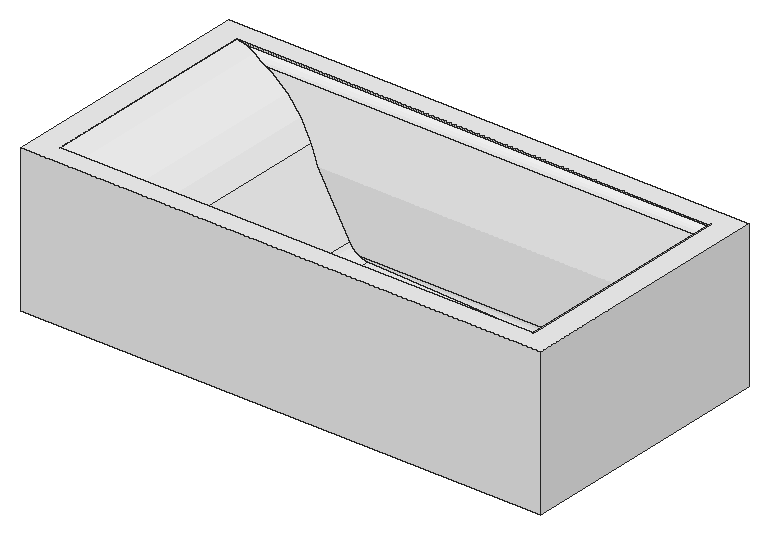
Revit family
Parameters
  폭 [instance] = 800 mm
  Manufacturer = "바체"
  Model = "BT-32"
  높이 [instance] = 450 mm
  길이 [instance] = 1600 mm
  bath material = A-욕조
  Assembly Code = ""
Reference planes
  plane 1 "중심(앞/뒤)": y = 0
  plane 2: z = 0
  plane 3 "중심(왼쪽/오른쪽)": x = 0
  plane 4: x = -800
  plane 5: x = 800
  plane 6: y = 375
  plane 7: y = -425
Forms (mm)
  Extrusion 1, solid, material "A-욕조" <- "bath material"
    sketch origin (1411.064, -815.915, 0) x (1, 0, 0) y (0, 1, 0)
      loop
        line (-2211.064, 1190.915) -> (-2211.064, 390.915) -> (-611.064, 390.915) -> (-611.064, 1190.915) -> (-2211.064, 1190.915)
      loop
        line (-2138.143, 1131.915) -> (-2138.143, 449.915) -> (-680.83, 449.915) -> (-680.83, 1131.915) -> (-2138.143, 1131.915)
    from 0 to 450
  Extrusion 2, solid, material "A-욕조"
    sketch origin (-800, 0, 0) x (0, 1, 0) y (0, 0, 1)
      loop
        arc (317.783, 444.648) -> (303.184, 435.178) -> (293.611, 420.647) r 42.458
        arc (293.611, 420.647) -> (241.926, 237.248) -> (229.229, 47.128) r 917.702
        arc (229.229, 47.128) -> (217.13, 16.544) -> (186.812, 3.796) r 42.426
        line (186.812, 3.796) -> (-236.812, 3.796)
        arc (-236.812, 3.796) -> (-267.13, 16.544) -> (-279.229, 47.128) r 42.426
        arc (-279.229, 47.128) -> (-291.926, 237.248) -> (-343.611, 420.647) r 917.702
        arc (-343.611, 420.647) -> (-353.184, 435.178) -> (-367.783, 444.648) r 42.458
        line (-367.783, 444.648) -> (-367.783, 0) -> (317.783, 0) -> (317.783, 444.648)
    from 72.921 to 1530.234
  Extrusion 3, solid, material "A-욕조"
    sketch origin (0, 0, 25) x (1, 0, 0) y (0, 0, 1)
      loop
        line (-727.079, 425) -> (-727.079, -25) -> (730.234, -25) -> (730.234, 425)
        arc (730.234, 425) -> (718.859, 413.867) -> (713.573, 398.854) r 35.091
        arc (713.573, 398.854) -> (681.386, 204.9) -> (628.228, 15.616) r 1799.077
        arc (628.228, 15.616) -> (597.11, -3.69) -> (560.987, -9.702) r 94.405
        line (560.987, -9.702) -> (-254.522, 15)
        arc (-254.522, 15) -> (-288.18, 24.564) -> (-313.238, 48.986) r 71.317
        arc (-313.238, 48.986) -> (-380.354, 155.071) -> (-450.348, 259.281) r 4588.424
        arc (-450.348, 259.281) -> (-570.789, 372.073) -> (-727.079, 425) r 390.203
    from -317.783 to 366
Lines and regions (mm)
  model lines, style "입면5"
    curve 1: line (-509.513, -301.98, 0) -> (-586.128, -322.422, 0)
    curve 2: line (-586.128, 272.421, 0) -> (-509.513, 251.98, 0)
    curve 3: line (-298.743, 193.626, 0) -> (565.555, 191.356, 0)
    curve 4: line (565.555, -241.357, 0) -> (-298.743, -243.626, 0)
    curve 5: line (720.205, -331.307, 0) -> (670.977, -324.323, 0)
    curve 6: line (670.951, -324.334, 0) -> (720.205, -331.307, 0)
    curve 7: line (618.889, -262.657, 0) -> (565.555, -241.357, 0)
    curve 8: line (542.131, -62.894, 0) -> (565.555, -54.779, 0)
    curve 9: line (565.555, -54.779, 0) -> (575.582, -42.816, 0)
    curve 10: line (565.558, 4.777, 0) -> (542.105, 12.889, 0)
    curve 11: line (575.58, -7.182, 0) -> (580.027, -25, 0)
    curve 12: line (565.558, 4.777, 0) -> (575.58, -7.182, 0)
    curve 13: line (542.105, 12.889, 0) -> (503.931, -24.985, 0)
    curve 14: line (565.555, 191.356, 0) -> (618.889, 212.656, 0)
    curve 15: line (618.889, 212.656, 0) -> (618.889, -24.402, 0)
    curve 16: line (503.931, -25.093, 0) -> (542.131, -62.894, 0)
    curve 17: line (618.889, -25.599, 0) -> (618.889, -262.657, 0)
    curve 18: line (575.582, -42.816, 0) -> (580.027, -25, 0)
    curve 19: line (670.951, -324.303, 0) -> (619.69, -263.911, 0)
    curve 20: line (670.977, 274.323, 0) -> (720.205, 281.307, 0)
    curve 21: line (619.69, 213.91, 0) -> (670.951, 274.303, 0)
    curve 22: line (-460.032, -273.258, 0) -> (-460.348, -25, 0)
    curve 23: line (-298.743, -243.626, 0) -> (-298.948, -243.626, 0)
    curve 24: line (-122.99, -89.985, 0) -> (-109.986, -102.988, 0)
    curve 25: line (-109.991, -76.982, 0) -> (-122.99, -89.985, 0)
    curve 26: line (-39.987, -102.986, 0) -> (-26.988, -89.983, 0)
    curve 27: line (-52.99, -89.986, 0) -> (-39.987, -102.986, 0)
    curve 28: line (-26.988, -89.983, 0) -> (-39.99, -76.983, 0)
    curve 29: line (-39.99, -76.983, 0) -> (-52.99, -89.986, 0)
    curve 30: line (-109.986, -102.988, 0) -> (-96.987, -89.985, 0)
    curve 31: line (-96.987, -89.985, 0) -> (-109.991, -76.982, 0)
    curve 32: line (-298.948, 193.626, 0) -> (-298.743, 193.626, 0)
    curve 33: line (-298.743, -25, 0) -> (-298.743, 193.626, 0)
    curve 34: line (-179.988, -37.985, 0) -> (-166.981, -24.992, 0)
    curve 35: line (-166.981, -24.992, 0) -> (-179.988, -11.984, 0)
    curve 36: line (-192.997, -24.992, 0) -> (-179.988, -37.985, 0)
    curve 37: line (-179.988, -11.984, 0) -> (-192.997, -24.992, 0)
    curve 38: line (-122.996, -24.992, 0) -> (-109.989, -37.985, 0)
    curve 39: line (-109.989, -11.984, 0) -> (-122.996, -24.992, 0)
    curve 40: line (-52.997, -24.991, 0) -> (-39.989, -37.985, 0)
    curve 41: line (-39.989, -37.985, 0) -> (-26.981, -24.993, 0)
    curve 42: line (-39.989, -11.984, 0) -> (-52.997, -24.991, 0)
    curve 43: line (-26.981, -24.993, 0) -> (-39.989, -11.984, 0)
    curve 44: line (-96.981, -24.993, 0) -> (-109.989, -11.984, 0)
    curve 45: line (-109.989, -37.985, 0) -> (-96.981, -24.993, 0)
    curve 46: line (-298.743, -243.626, 0) -> (-298.743, -25, 0)
    curve 47: line (-298.948, -243.626, 0) -> (-460.032, -273.258, 0)
    curve 48: line (-460.032, -273.258, 0) -> (-509.513, -301.98, 0)
    curve 49: line (30.013, -192.986, 0) -> (43.012, -179.984, 0)
    curve 50: line (17.01, -179.985, 0) -> (30.013, -192.986, 0)
    curve 51: line (87.008, -179.982, 0) -> (100.01, -192.985, 0)
    curve 52: line (157.011, -179.984, 0) -> (170.011, -192.984, 0)
    curve 53: line (170.063, -192.984, 0) -> (183.012, -179.985, 0)
    curve 54: line (100.01, -192.985, 0) -> (113.013, -179.985, 0)
    curve 55: line (43.013, -134.986, 0) -> (30.01, -121.983, 0)
    curve 56: line (30.01, -121.983, 0) -> (17.01, -134.985, 0)
    curve 57: line (30.012, -147.986, 0) -> (43.013, -134.986, 0)
    curve 58: line (17.01, -134.985, 0) -> (30.012, -147.986, 0)
    curve 59: line (100.011, -121.984, 0) -> (87.009, -134.982, 0)
    curve 60: line (87.009, -134.982, 0) -> (100.01, -147.985, 0)
    curve 61: line (30.012, -102.985, 0) -> (43.011, -89.984, 0)
    curve 62: line (43.011, -89.984, 0) -> (30.01, -76.984, 0)
    curve 63: line (17.01, -89.985, 0) -> (30.012, -102.985, 0)
    curve 64: line (30.01, -76.984, 0) -> (17.01, -89.985, 0)
    curve 65: line (87.009, -89.982, 0) -> (100.01, -102.985, 0)
    curve 66: line (100.011, -76.984, 0) -> (87.009, -89.982, 0)
    curve 67: line (183.012, -134.986, 0) -> (170.011, -121.984, 0)
    curve 68: line (170.049, -147.984, 0) -> (183.012, -134.986, 0)
    curve 69: line (157.011, -134.985, 0) -> (170.011, -147.984, 0)
    curve 70: line (169.981, -121.984, 0) -> (157.011, -134.985, 0)
    curve 71: line (170.023, -102.996, 0) -> (183.012, -89.983, 0)
    curve 72: line (170.003, -76.977, 0) -> (157.01, -89.985, 0)
    curve 73: line (157.01, -89.985, 0) -> (170.023, -102.996, 0)
    curve 74: line (183.012, -89.983, 0) -> (170.003, -76.977, 0)
    curve 75: line (113.012, -89.985, 0) -> (100.011, -76.984, 0)
    curve 76: line (100.01, -147.985, 0) -> (113.012, -134.986, 0)
    curve 77: line (100.01, -102.985, 0) -> (113.012, -89.985, 0)
    curve 78: line (113.012, -134.986, 0) -> (100.011, -121.984, 0)
    curve 79: line (30.009, -166.983, 0) -> (17.01, -179.985, 0)
    curve 80: line (100.011, -166.984, 0) -> (87.008, -179.982, 0)
    curve 81: line (183.012, -179.985, 0) -> (170.011, -166.984, 0)
    curve 82: line (169.967, -166.985, 0) -> (157.011, -179.984, 0)
    curve 83: line (113.013, -179.985, 0) -> (100.011, -166.984, 0)
    curve 84: line (43.012, -179.984, 0) -> (30.009, -166.983, 0)
    curve 85: line (240.021, -102.995, 0) -> (253.012, -89.984, 0)
    curve 86: line (227.009, -89.983, 0) -> (240.021, -102.995, 0)
    curve 87: line (253.012, -89.984, 0) -> (240.004, -76.978, 0)
    curve 88: line (240.004, -76.978, 0) -> (227.009, -89.983, 0)
    curve 89: line (323.019, -89.983, 0) -> (310.004, -76.978, 0)
    curve 90: line (310.021, -102.994, 0) -> (323.019, -89.983, 0)
    curve 91: line (297.009, -89.983, 0) -> (310.021, -102.994, 0)
    curve 92: line (310.004, -76.978, 0) -> (297.009, -89.983, 0)
    curve 93: line (17.003, -24.992, 0) -> (30.011, -37.984, 0)
    curve 94: line (30.011, -11.984, 0) -> (17.003, -24.992, 0)
    curve 95: line (30.011, -37.984, 0) -> (43.019, -24.993, 0)
    curve 96: line (43.019, -24.993, 0) -> (30.011, -11.984, 0)
    curve 97: line (87.003, -24.992, 0) -> (100.011, -37.985, 0)
    curve 98: line (100.011, -11.984, 0) -> (87.003, -24.992, 0)
    curve 99: line (170.013, -11.982, 0) -> (157.003, -24.992, 0)
    curve 100: line (170.012, -37.986, 0) -> (183.019, -24.993, 0)
    curve 101: line (183.019, -24.993, 0) -> (170.013, -11.982, 0)
    curve 102: line (157.003, -24.992, 0) -> (170.012, -37.986, 0)
    curve 103: line (113.021, -24.991, 0) -> (100.011, -11.984, 0)
    curve 104: line (100.011, -37.985, 0) -> (113.021, -24.991, 0)
    curve 105: line (240.012, -37.986, 0) -> (253.019, -24.992, 0)
    curve 106: line (227.003, -24.992, 0) -> (240.012, -37.986, 0)
    curve 107: line (240.013, -11.982, 0) -> (227.003, -24.992, 0)
    curve 108: line (253.019, -24.992, 0) -> (240.013, -11.982, 0)
    curve 109: line (323.021, -24.99, 0) -> (310.012, -11.983, 0)
    curve 110: line (310.012, -37.986, 0) -> (323.021, -24.99, 0)
    curve 111: line (393.011, -24.984, 0) -> (380.012, -11.983, 0)
    curve 112: line (367.003, -24.992, 0) -> (380.012, -37.986, 0)
    curve 113: line (380.012, -11.983, 0) -> (367.003, -24.992, 0)
    curve 114: line (380.012, -37.986, 0) -> (393.011, -25.016, 0)
    curve 115: line (310.012, -11.983, 0) -> (297.003, -24.992, 0)
    curve 116: line (297.003, -24.992, 0) -> (310.012, -37.986, 0)
    curve 117: line (-509.513, 251.98, 0) -> (-460.032, 223.258, 0)
    curve 118: line (-460.348, -25, 0) -> (-460.032, 223.258, 0)
    curve 119: line (-460.032, 223.258, 0) -> (-298.948, 193.626, 0)
    curve 120: line (-665.511, -330.013, 0) -> (-737.079, -331.307, 0)
    curve 121: line (-586.128, -322.422, 0) -> (-609.665, -325.758, 0)
    curve 122: line (-609.665, -325.758, 0) -> (-665.511, -330.013, 0)
    curve 123: line (-737.079, 281.307, 0) -> (-665.511, 280.013, 0)
    curve 124: line (-609.665, 275.757, 0) -> (-586.128, 272.421, 0)
    curve 125: line (-665.511, 280.013, 0) -> (-609.665, 275.757, 0)
    curve 126: line (-122.99, 39.953, 0) -> (-109.986, 52.955, 0)
    curve 127: line (-109.991, 26.95, 0) -> (-122.99, 39.953, 0)
    curve 128: line (-39.987, 52.954, 0) -> (-26.988, 39.951, 0)
    curve 129: line (-52.99, 39.953, 0) -> (-39.987, 52.954, 0)
    curve 130: line (-26.988, 39.951, 0) -> (-39.99, 26.951, 0)
    curve 131: line (-39.99, 26.951, 0) -> (-52.99, 39.953, 0)
    curve 132: line (-109.986, 52.955, 0) -> (-96.987, 39.953, 0)
    curve 133: line (-96.987, 39.953, 0) -> (-109.991, 26.95, 0)
    curve 134: line (30.013, 142.954, 0) -> (43.012, 129.951, 0)
    curve 135: line (17.01, 129.953, 0) -> (30.013, 142.954, 0)
    curve 136: line (87.008, 129.95, 0) -> (100.01, 142.953, 0)
    curve 137: line (157.011, 129.952, 0) -> (170.011, 142.952, 0)
    curve 138: line (170.063, 142.952, 0) -> (183.012, 129.952, 0)
    curve 139: line (100.01, 142.953, 0) -> (113.013, 129.953, 0)
    curve 140: line (43.013, 84.953, 0) -> (30.01, 71.951, 0)
    curve 141: line (30.01, 71.951, 0) -> (17.01, 84.953, 0)
    curve 142: line (30.012, 97.953, 0) -> (43.013, 84.953, 0)
    curve 143: line (17.01, 84.953, 0) -> (30.012, 97.953, 0)
    curve 144: line (100.011, 71.952, 0) -> (87.009, 84.95, 0)
    curve 145: line (87.009, 84.95, 0) -> (100.01, 97.953, 0)
    curve 146: line (30.012, 52.953, 0) -> (43.011, 39.952, 0)
    curve 147: line (43.011, 39.952, 0) -> (30.01, 26.952, 0)
    curve 148: line (17.01, 39.953, 0) -> (30.012, 52.953, 0)
    curve 149: line (30.01, 26.952, 0) -> (17.01, 39.953, 0)
    curve 150: line (87.009, 39.95, 0) -> (100.01, 52.953, 0)
    curve 151: line (100.011, 26.952, 0) -> (87.009, 39.95, 0)
    curve 152: line (183.012, 84.954, 0) -> (170.011, 71.952, 0)
    curve 153: line (170.049, 97.952, 0) -> (183.012, 84.954, 0)
    curve 154: line (157.011, 84.952, 0) -> (170.011, 97.952, 0)
    curve 155: line (169.981, 71.952, 0) -> (157.011, 84.952, 0)
    curve 156: line (170.023, 52.964, 0) -> (183.012, 39.951, 0)
    curve 157: line (170.003, 26.944, 0) -> (157.01, 39.953, 0)
    curve 158: line (157.01, 39.953, 0) -> (170.023, 52.964, 0)
    curve 159: line (183.012, 39.951, 0) -> (170.003, 26.944, 0)
    curve 160: line (113.012, 39.953, 0) -> (100.011, 26.952, 0)
    curve 161: line (100.01, 97.953, 0) -> (113.012, 84.954, 0)
    curve 162: line (100.01, 52.953, 0) -> (113.012, 39.953, 0)
    curve 163: line (113.012, 84.954, 0) -> (100.011, 71.952, 0)
    curve 164: line (30.009, 116.951, 0) -> (17.01, 129.953, 0)
    curve 165: line (100.011, 116.952, 0) -> (87.008, 129.95, 0)
    curve 166: line (183.012, 129.952, 0) -> (170.011, 116.952, 0)
    curve 167: line (169.967, 116.952, 0) -> (157.011, 129.952, 0)
    curve 168: line (113.013, 129.953, 0) -> (100.011, 116.952, 0)
    curve 169: line (43.012, 129.951, 0) -> (30.009, 116.951, 0)
    curve 170: line (240.021, 52.963, 0) -> (253.012, 39.951, 0)
    curve 171: line (227.009, 39.95, 0) -> (240.021, 52.963, 0)
    curve 172: line (253.012, 39.951, 0) -> (240.004, 26.945, 0)
    curve 173: line (240.004, 26.945, 0) -> (227.009, 39.95, 0)
    curve 174: line (323.019, 39.95, 0) -> (310.004, 26.946, 0)
    curve 175: line (310.021, 52.962, 0) -> (323.019, 39.95, 0)
    curve 176: line (297.009, 39.95, 0) -> (310.021, 52.962, 0)
    curve 177: line (310.004, 26.946, 0) -> (297.009, 39.95, 0)
    curve 178: line (542.131, 23.233, 0) -> (542.131, -72.892, 0)
    curve 179: line (589.414, -24.829, 0) -> (494.848, -24.829, 0)
    curve 180: line (720.234, -366, 0) -> (-737.079, -366, 0)
    curve 181: line (-737.079, -366, 0) -> (-737.079, 316, 0)
    curve 182: line (-737.079, 316, 0) -> (720.234, 316, 0)
    curve 183: line (720.234, 316, 0) -> (720.234, -366, 0)
    curve 184: line (-800, 375, 0) -> (-800, -425, 0)
    curve 185: line (-800, -425, 0) -> (800, -425, 0)
    curve 186: line (800, -425, 0) -> (800, 375, 0)
    curve 187: line (800, 375, 0) -> (-800, 375, 0)
Dimensions and locks
  "길이": Extrusion 1 to Extrusion 1
  "높이": Extrusion 1 to Extrusion 1
  "폭": plane 6 to plane 7
  aligned and locked: Extrusion 1 to plane 4
  aligned and locked: Extrusion 1 to plane 5
  aligned and locked: Extrusion 1 to plane 6
  aligned and locked: Extrusion 1 to plane 7
  aligned and locked: Extrusion 1 sketch curve to plane 4
  aligned and locked: Extrusion 1 sketch curve to plane 5
  aligned and locked: plane 6 to Extrusion 1 sketch curve
  aligned and locked: Extrusion 1 sketch curve to plane 7
  aligned and locked: Extrusion 2 to Extrusion 1  (x2)
  aligned and locked: Extrusion 3 to Extrusion 2
  aligned and locked: Extrusion 3 to Extrusion 1
Automatic sketch dimensions
  plane 4 to Extrusion 1 sketch curve = 72.921 mm
  plane 5 to Extrusion 1 sketch curve = 69.766 mm
  plane 7 to Extrusion 1 sketch curve = 59 mm
  plane 6 to Extrusion 1 sketch curve = 59 mm
  Extrusion 3 sketch curve to plane 4 = 3423.995 mm
  Extrusion 3 sketch curve to plane 4 = 274.674 mm
  plane 4 to Extrusion 3 sketch curve = 28.739 mm
  Extrusion 3 sketch curve to level = 0 mm
  plane 4 to Extrusion 3 sketch curve = 72.921 mm
  Extrusion 3 sketch curve to Extrusion 3 sketch curve = 276.731 mm
  Extrusion 3 sketch curve to Extrusion 3 sketch curve = 0 mm  (x3)
  level to Extrusion 3 sketch curve = 73.986 mm
  Extrusion 3 sketch curve to Extrusion 3 sketch curve = 137.11 mm
  level to Extrusion 3 sketch curve = 40 mm
  Extrusion 3 sketch curve to Extrusion 3 sketch curve = 58.716 mm
  Extrusion 3 sketch curve to Extrusion 3 sketch curve = 60.784 mm
  level to Extrusion 3 sketch curve = 15.298 mm
  plane 5 to Extrusion 3 sketch curve = 239.013 mm
  Extrusion 3 sketch curve to Extrusion 3 sketch curve = 2.858 mm
  level to Extrusion 3 sketch curve = 40.616 mm
  Extrusion 3 sketch curve to Extrusion 3 sketch curve = 67.241 mm
  plane 5 to Extrusion 3 sketch curve = 86.427 mm
  plane 5 to Extrusion 3 sketch curve = 69.766 mm
  Extrusion 3 sketch curve to Extrusion 3 sketch curve = 34.88 mm
  Extrusion 3 sketch curve to Extrusion 3 sketch curve = 310.349 mm
  Extrusion 2 sketch curve to level = 0 mm
  level to Extrusion 2 sketch curve = 81.365 mm  (x2)
  Extrusion 2 sketch curve to plane 7 = 771.292 mm
  plane 7 to Extrusion 2 sketch curve = 41.9 mm
  plane 7 to Extrusion 2 sketch curve = 57.217 mm
  Extrusion 2 sketch curve to Extrusion 2 sketch curve = 24.172 mm
  level to Extrusion 2 sketch curve = 47.128 mm
  Extrusion 2 sketch curve to Extrusion 2 sketch curve = 88.554 mm
  Extrusion 2 sketch curve to Extrusion 2 sketch curve = 42.417 mm  (x2)
  level to Extrusion 2 sketch curve = 46.222 mm
  Extrusion 2 sketch curve to plane 1 "중심(앞/뒤)" = 186.812 mm
  plane 6 to Extrusion 2 sketch curve = 81.389 mm
  plane 6 to Extrusion 2 sketch curve = 57.217 mm
  plane 6 to Extrusion 2 sketch curve = 41.9 mm
  Extrusion 2 sketch curve to plane 6 = 771.292 mm
  level to Extrusion 2 sketch curve = 3.796 mm
  Extrusion 2 sketch curve to Extrusion 2 sketch curve = 15.598 mm  (x2)
  curve 187 to plane 4 = 0 mm
  curve 186 to plane 5 = 0 mm
  curve 185 to plane 7 = 0 mm
  curve 186 to plane 6 = 0 mm
  plane 4 to curve 180 = 62.921 mm
  curve 120 to curve 122 = 71.568 mm
  curve 123 to curve 125 = 71.568 mm
  curve 123 to curve 124 = 55.846 mm
  curve 122 to curve 121 = 55.846 mm
  plane 6 to curve 124 = 102.579 mm
  curve 125 to curve 124 = 23.537 mm
  plane 7 to curve 1 = 102.578 mm
  curve 121 to curve 1 = 23.537 mm
  plane 6 to curve 2 = 123.02 mm
  curve 124 to curve 2 = 76.615 mm
  plane 7 to curve 1 = 123.02 mm
  curve 1 to curve 1 = 76.615 mm
  plane 1 "중심(앞/뒤)" to curve 118 = 25 mm
  curve 1 to curve 118 = 49.165 mm
  plane 6 to curve 118 = 151.742 mm
  curve 117 to curve 118 = 49.481 mm
  plane 7 to curve 22 = 151.742 mm
  curve 48 to curve 22 = 49.481 mm
  curve 119 to curve 119 = 161.083 mm
  curve 47 to curve 47 = 161.083 mm
  curve 23 to curve 4 = 0.205 mm
  plane 1 "중심(앞/뒤)" to curve 46 = 25 mm
  curve 118 to curve 46 = 161.605 mm
  curve 119 to curve 3 = 0.205 mm
  curve 4 to curve 23 = 0 mm
  curve 32 to curve 3 = 0 mm  (x2)
  plane 1 "중심(앞/뒤)" to curve 36 = 24.992 mm
  curve 33 to curve 36 = 105.746 mm
  plane 1 "중심(앞/뒤)" to curve 36 = 37.985 mm
  curve 36 to curve 36 = 13.008 mm
  plane 1 "중심(앞/뒤)" to curve 35 = 11.984 mm
  curve 36 to curve 35 = 13.008 mm
  plane 1 "중심(앞/뒤)" to curve 34 = 24.992 mm
  curve 34 to curve 34 = 13.008 mm
  plane 1 "중심(앞/뒤)" to curve 38 = 24.992 mm
  curve 34 to curve 38 = 43.984 mm
  curve 38 to curve 25 = 0.007 mm
  curve 126 to plane 1 "중심(앞/뒤)" = 39.953 mm
  curve 38 to curve 126 = 0.007 mm
  curve 24 to curve 31 = 12.998 mm
  curve 127 to plane 1 "중심(앞/뒤)" = 26.95 mm
  curve 126 to curve 127 = 12.998 mm
  plane 1 "중심(앞/뒤)" to curve 45 = 37.985 mm
  curve 38 to curve 45 = 13.008 mm  (x2)
  plane 1 "중심(앞/뒤)" to curve 44 = 11.984 mm
  curve 38 to curve 44 = 13.008 mm
  curve 126 to plane 1 "중심(앞/뒤)" = 52.955 mm
  curve 126 to curve 126 = 13.004 mm
  curve 24 to curve 30 = 13.004 mm
  curve 133 to plane 1 "중심(앞/뒤)" = 39.953 mm
  curve 126 to curve 133 = 12.999 mm
  curve 24 to curve 30 = 12.999 mm
  plane 1 "중심(앞/뒤)" to curve 45 = 24.993 mm
  plane 1 "중심(앞/뒤)" to curve 40 = 24.991 mm
  curve 44 to curve 40 = 43.984 mm
  curve 132 to curve 129 = 43.997 mm
  curve 30 to curve 29 = 43.997 mm
  curve 27 to curve 28 = 13 mm
  curve 129 to curve 131 = 13 mm
  curve 40 to curve 40 = 13.008 mm
  plane 1 "중심(앞/뒤)" to curve 42 = 11.984 mm
  curve 40 to curve 42 = 13.008 mm
  curve 27 to curve 27 = 13.003 mm
  curve 129 to curve 128 = 13.003 mm
  curve 128 to curve 130 = 12.999 mm
  curve 26 to curve 26 = 12.999 mm
  curve 41 to curve 41 = 13.008 mm
  plane 3 "중심(왼쪽/오른쪽)" to curve 94 = 17.003 mm
  plane 3 "중심(왼쪽/오른쪽)" to curve 64 = 17.01 mm
  plane 3 "중심(왼쪽/오른쪽)" to curve 149 = 17.01 mm
  plane 3 "중심(왼쪽/오른쪽)" to curve 141 = 17.01 mm
  plane 3 "중심(왼쪽/오른쪽)" to curve 58 = 17.01 mm
  plane 3 "중심(왼쪽/오른쪽)" to curve 50 = 17.01 mm
  plane 3 "중심(왼쪽/오른쪽)" to curve 135 = 17.01 mm
  curve 135 to curve 164 = 12.999 mm
  curve 79 to curve 84 = 12.999 mm
  curve 141 to curve 140 = 13 mm
  curve 56 to curve 55 = 13 mm
  curve 149 to curve 147 = 13.001 mm
  curve 64 to curve 64 = 13.001 mm
  curve 93 to curve 95 = 13.008 mm
  plane 1 "중심(앞/뒤)" to curve 94 = 11.984 mm
  curve 93 to curve 94 = 13.008 mm
  curve 64 to curve 61 = 13.002 mm
  curve 149 to curve 146 = 13.002 mm
  curve 141 to curve 143 = 13.002 mm
  curve 56 to curve 57 = 13.002 mm
  curve 135 to curve 134 = 13.003 mm
  curve 79 to curve 50 = 13.003 mm
  curve 147 to curve 146 = 13.001 mm
  curve 62 to curve 62 = 13.001 mm
  curve 49 to curve 49 = 12.999 mm
  curve 134 to curve 134 = 12.999 mm
  curve 57 to curve 57 = 13.001 mm
  curve 142 to curve 142 = 13.001 mm
  curve 93 to curve 96 = 13.008 mm
  plane 1 "중심(앞/뒤)" to curve 97 = 24.992 mm
  curve 95 to curve 97 = 43.984 mm
  curve 134 to curve 136 = 43.997 mm
  curve 84 to curve 80 = 43.997 mm
  curve 55 to curve 60 = 43.996 mm
  curve 142 to curve 144 = 43.996 mm
  curve 150 to plane 1 "중심(앞/뒤)" = 39.95 mm
  curve 146 to curve 150 = 43.997 mm
  curve 61 to curve 65 = 43.997 mm
  curve 136 to curve 139 = 13.002 mm
  curve 80 to curve 51 = 13.002 mm
  curve 59 to curve 76 = 13.002 mm
  curve 144 to curve 145 = 13.002 mm
  curve 65 to curve 65 = 13.002 mm
  curve 150 to curve 162 = 13.002 mm
  plane 1 "중심(앞/뒤)" to curve 97 = 37.985 mm
  curve 97 to curve 97 = 13.008 mm
  plane 1 "중심(앞/뒤)" to curve 98 = 11.984 mm
  curve 97 to curve 98 = 13.008 mm
  curve 65 to curve 66 = 13.002 mm
  curve 151 to plane 1 "중심(앞/뒤)" = 26.952 mm
  curve 150 to curve 151 = 13.002 mm
  curve 59 to curve 59 = 13.003 mm
  curve 144 to curve 163 = 13.003 mm
  curve 80 to curve 80 = 13.003 mm
  curve 136 to curve 168 = 13.003 mm  (x2)
  curve 65 to curve 75 = 13.001 mm
  curve 162 to plane 1 "중심(앞/뒤)" = 39.953 mm
  curve 150 to curve 162 = 13.001 mm
  curve 60 to curve 76 = 13.002 mm
  curve 145 to curve 163 = 13.002 mm
  curve 51 to curve 83 = 13.003 mm
  plane 1 "중심(앞/뒤)" to curve 103 = 24.991 mm
  curve 97 to curve 103 = 13.01 mm
  plane 1 "중심(앞/뒤)" to curve 99 = 24.992 mm
  curve 103 to curve 99 = 43.983 mm
  curve 157 to plane 1 "중심(앞/뒤)" = 39.953 mm
  curve 160 to curve 157 = 43.999 mm
  curve 75 to curve 73 = 43.999 mm
  curve 76 to curve 70 = 43.998 mm
  curve 161 to curve 154 = 43.998 mm
  curve 83 to curve 82 = 43.997 mm
  curve 139 to curve 167 = 43.997 mm
  curve 137 to curve 167 = 12.956 mm
  curve 52 to curve 82 = 12.956 mm
  curve 155 to plane 1 "중심(앞/뒤)" = 71.952 mm
  curve 154 to curve 155 = 12.971 mm
  curve 69 to curve 70 = 12.971 mm
  plane 1 "중심(앞/뒤)" to curve 74 = 76.977 mm
  curve 72 to curve 74 = 12.993 mm
  curve 159 to plane 1 "중심(앞/뒤)" = 26.944 mm
  curve 157 to curve 159 = 12.993 mm
  curve 69 to curve 69 = 13 mm  (x2)
  curve 154 to curve 154 = 13 mm
  curve 152 to plane 1 "중심(앞/뒤)" = 71.952 mm
  curve 155 to curve 152 = 0.03 mm
  curve 167 to curve 166 = 0.044 mm
  curve 137 to curve 137 = 13 mm
  curve 70 to curve 67 = 0.03 mm
  curve 82 to curve 81 = 0.044 mm
  curve 52 to curve 52 = 13 mm
  plane 1 "중심(앞/뒤)" to curve 102 = 37.986 mm
  curve 99 to curve 102 = 13.009 mm
  plane 1 "중심(앞/뒤)" to curve 101 = 11.982 mm
  curve 99 to curve 101 = 13.01 mm
  curve 156 to plane 1 "중심(앞/뒤)" = 52.964 mm
  curve 157 to curve 156 = 13.012 mm
  curve 72 to curve 71 = 13.012 mm
  curve 69 to curve 68 = 0.038 mm
  curve 154 to curve 153 = 0.038 mm
  curve 137 to curve 138 = 0.052 mm
  curve 52 to curve 53 = 0.052 mm
  curve 138 to curve 138 = 12.949 mm
  curve 53 to curve 81 = 12.949 mm
  plane 1 "중심(앞/뒤)" to curve 71 = 89.983 mm
  curve 71 to curve 71 = 12.99 mm
  curve 156 to plane 1 "중심(앞/뒤)" = 39.951 mm
  curve 156 to curve 156 = 12.99 mm
  curve 68 to curve 67 = 12.964 mm
  curve 153 to plane 1 "중심(앞/뒤)" = 84.954 mm
  curve 153 to curve 153 = 12.964 mm
  plane 1 "중심(앞/뒤)" to curve 101 = 24.993 mm
  curve 100 to curve 101 = 13.007 mm
  plane 1 "중심(앞/뒤)" to curve 107 = 24.992 mm
  curve 100 to curve 107 = 43.984 mm
  plane 1 "중심(앞/뒤)" to curve 86 = 89.983 mm
  curve 71 to curve 86 = 43.997 mm
  curve 173 to plane 1 "중심(앞/뒤)" = 39.95 mm
  curve 156 to curve 173 = 43.997 mm
  curve 173 to plane 1 "중심(앞/뒤)" = 26.945 mm
  curve 171 to curve 173 = 12.995 mm
  plane 1 "중심(앞/뒤)" to curve 88 = 76.978 mm
  curve 86 to curve 88 = 12.995 mm
  plane 1 "중심(앞/뒤)" to curve 105 = 37.986 mm
  curve 106 to curve 105 = 13.009 mm
  plane 1 "중심(앞/뒤)" to curve 107 = 11.982 mm
  curve 106 to curve 107 = 13.01 mm
  curve 170 to plane 1 "중심(앞/뒤)" = 52.963 mm
  curve 171 to curve 170 = 13.012 mm
  plane 1 "중심(앞/뒤)" to curve 85 = 102.995 mm
  curve 86 to curve 85 = 13.012 mm
  curve 170 to plane 1 "중심(앞/뒤)" = 39.951 mm
  curve 170 to curve 170 = 12.991 mm
  plane 1 "중심(앞/뒤)" to curve 87 = 89.984 mm
  curve 85 to curve 87 = 12.991 mm
  plane 1 "중심(앞/뒤)" to curve 108 = 24.992 mm
  curve 105 to curve 108 = 13.007 mm
  plane 1 "중심(앞/뒤)" to curve 115 = 24.992 mm
  curve 105 to curve 115 = 43.984 mm
  curve 177 to plane 1 "중심(앞/뒤)" = 39.95 mm
  curve 170 to curve 177 = 43.997 mm
  plane 1 "중심(앞/뒤)" to curve 92 = 89.983 mm
  curve 85 to curve 92 = 43.997 mm
  plane 1 "중심(앞/뒤)" to curve 92 = 76.978 mm
  curve 91 to curve 92 = 12.995 mm
  curve 177 to plane 1 "중심(앞/뒤)" = 26.946 mm
  curve 176 to curve 177 = 12.995 mm
  plane 1 "중심(앞/뒤)" to curve 110 = 37.986 mm
  curve 115 to curve 110 = 13.01 mm
  plane 1 "중심(앞/뒤)" to curve 115 = 11.983 mm
  curve 115 to curve 115 = 13.01 mm
  curve 175 to plane 1 "중심(앞/뒤)" = 52.962 mm
  curve 176 to curve 175 = 13.012 mm
  plane 1 "중심(앞/뒤)" to curve 91 = 102.994 mm
  curve 91 to curve 91 = 13.012 mm
  plane 1 "중심(앞/뒤)" to curve 90 = 89.983 mm
  curve 90 to curve 90 = 12.999 mm
  curve 174 to plane 1 "중심(앞/뒤)" = 39.95 mm
  curve 175 to curve 174 = 12.999 mm
  plane 1 "중심(앞/뒤)" to curve 110 = 24.99 mm
  curve 110 to curve 110 = 13.009 mm
  plane 1 "중심(앞/뒤)" to curve 112 = 24.992 mm
  curve 109 to curve 112 = 43.981 mm
  plane 1 "중심(앞/뒤)" to curve 113 = 11.983 mm
  curve 112 to curve 113 = 13.01 mm
  plane 1 "중심(앞/뒤)" to curve 112 = 37.986 mm
  curve 112 to curve 112 = 13.01 mm
  plane 1 "중심(앞/뒤)" to curve 114 = 25.016 mm
  curve 112 to curve 114 = 12.999 mm
  plane 1 "중심(앞/뒤)" to curve 111 = 24.984 mm
  curve 114 to curve 111 = 0 mm
  plane 1 "중심(앞/뒤)" to curve 179 = 24.829 mm
  curve 111 to curve 179 = 101.837 mm
  plane 1 "중심(앞/뒤)" to curve 16 = 25.093 mm
  curve 179 to curve 16 = 9.083 mm
  plane 1 "중심(앞/뒤)" to curve 13 = 24.985 mm
  curve 16 to curve 13 = 0 mm
  curve 13 to plane 1 "중심(앞/뒤)" = 12.889 mm
  curve 13 to curve 13 = 38.174 mm
  plane 1 "중심(앞/뒤)" to curve 8 = 62.894 mm
  curve 16 to curve 8 = 38.2 mm
  curve 10 to curve 178 = 0.026 mm
  curve 178 to curve 4 = 23.425 mm
  curve 178 to curve 14 = 23.425 mm
  plane 1 "중심(앞/뒤)" to curve 9 = 54.779 mm
  curve 8 to curve 9 = 23.425 mm
  curve 10 to plane 1 "중심(앞/뒤)" = 4.777 mm
  curve 10 to curve 10 = 23.453 mm
  plane 1 "중심(앞/뒤)" to curve 11 = 7.182 mm
  curve 10 to curve 11 = 10.022 mm
  plane 1 "중심(앞/뒤)" to curve 9 = 42.816 mm
  curve 8 to curve 9 = 10.026 mm
  plane 1 "중심(앞/뒤)" to curve 18 = 25 mm
  curve 9 to curve 18 = 4.446 mm
  curve 11 to curve 179 = 9.387 mm
  curve 4 to curve 7 = 53.333 mm
  curve 3 to curve 14 = 53.333 mm
  curve 14 to curve 21 = 0.801 mm
  curve 7 to curve 19 = 0.801 mm
  curve 19 to curve 6 = 51.261 mm
  curve 6 to curve 19 = 0.001 mm
  curve 21 to curve 21 = 51.262 mm
  curve 6 to curve 5 = 0.026 mm
  curve 21 to curve 20 = 0.025 mm
  curve 5 to curve 5 = 49.228 mm
  curve 20 to curve 20 = 49.228 mm
  curve 6 to curve 5 = 0 mm  (x2)
  curve 20 to curve 182 = 0.029 mm
  plane 7 to curve 180 = 59 mm
  curve 180 to curve 6 = 34.693 mm
  curve 180 to curve 120 = 34.693 mm
  curve 120 to curve 120 = 1.294 mm
  curve 122 to curve 121 = 3.336 mm
  curve 5 to curve 6 = 6.974 mm
  curve 6 to curve 5 = 0.01 mm
  curve 6 to curve 19 = 0.031 mm
  curve 19 to curve 19 = 60.392 mm
  curve 19 to curve 7 = 1.254 mm
  curve 47 to curve 47 = 29.632 mm
  curve 23 to curve 23 = 0 mm
  curve 23 to curve 4 = 0 mm
  curve 7 to curve 4 = 21.3 mm
  curve 49 to curve 97 = 155.002 mm
  curve 49 to curve 51 = 0.001 mm
  curve 51 to curve 52 = 0.001 mm
  curve 52 to curve 53 = 0 mm
  curve 50 to curve 79 = 13.001 mm
  curve 51 to curve 54 = 13 mm
  curve 53 to curve 81 = 13 mm
  curve 52 to curve 82 = 13 mm  (x2)
  curve 49 to curve 84 = 13.003 mm
  curve 51 to curve 80 = 13.003 mm
  curve 82 to curve 81 = 0 mm
  curve 80 to curve 80 = 12.998 mm
  curve 79 to curve 79 = 13.002 mm
  curve 79 to curve 57 = 18.997 mm
  curve 80 to curve 60 = 18.999 mm
  curve 81 to curve 69 = 19 mm
  curve 69 to curve 68 = 0 mm
  curve 68 to curve 68 = 12.998 mm
  curve 60 to curve 78 = 12.999 mm
  curve 57 to curve 55 = 13 mm
  curve 57 to curve 56 = 13 mm
  curve 60 to curve 60 = 13.003 mm
  curve 69 to curve 70 = 13 mm
  curve 70 to curve 67 = 0 mm
  curve 59 to curve 59 = 12.998 mm
  curve 56 to curve 56 = 13.002 mm
  curve 73 to curve 71 = 13.013 mm
  curve 30 to curve 38 = 65.003 mm
  curve 58 to curve 26 = 31.999 mm
  curve 55 to curve 61 = 18.998 mm
  curve 59 to curve 77 = 18.999 mm
  curve 26 to curve 29 = 13.001 mm
  curve 61 to curve 64 = 13 mm  (x2)
  curve 65 to curve 75 = 13 mm
  curve 24 to curve 25 = 13.003 mm  (x2)
  curve 24 to curve 31 = 13.003 mm
  curve 73 to curve 72 = 13.008 mm
  curve 61 to curve 61 = 13.001 mm
  curve 26 to curve 28 = 13.003 mm
  curve 77 to curve 65 = 13.003 mm
  curve 65 to curve 75 = 12.998 mm
  curve 27 to curve 28 = 13.002 mm
  curve 178 to curve 8 = 9.998 mm
  curve 40 to curve 40 = 12.993 mm
  curve 95 to curve 94 = 26 mm
  plane 1 "중심(앞/뒤)" to curve 17 = 25.599 mm
  curve 41 to curve 41 = 12.992 mm
  curve 93 to curve 95 = 12.992 mm
  curve 93 to curve 93 = 12.993 mm
  curve 17 to curve 15 = 1.197 mm
  curve 10 to curve 178 = 10.344 mm
  curve 130 to plane 1 "중심(앞/뒤)" = 26.951 mm
  curve 147 to plane 1 "중심(앞/뒤)" = 26.952 mm
  curve 131 to curve 130 = 13 mm
  curve 147 to curve 147 = 13 mm
  curve 147 to curve 148 = 13.001 mm
  curve 130 to curve 131 = 13.002 mm
  curve 160 to curve 162 = 13 mm
  curve 146 to curve 146 = 13.001 mm
  curve 130 to curve 128 = 13.003 mm
  curve 146 to curve 140 = 18.998 mm
  curve 150 to curve 163 = 18.999 mm
  curve 144 to curve 144 = 12.998 mm
  curve 155 to curve 155 = 13 mm
  curve 140 to curve 143 = 13.002 mm
  curve 140 to curve 140 = 13.002 mm
  curve 144 to curve 163 = 13.002 mm
  curve 152 to curve 153 = 12.998 mm
  curve 153 to curve 154 = 0 mm
  curve 161 to curve 145 = 12.999 mm
  curve 140 to curve 142 = 13 mm
  curve 142 to curve 164 = 18.997 mm
  curve 145 to curve 168 = 18.999 mm
  curve 154 to curve 166 = 19 mm
  curve 166 to curve 167 = 0 mm
  curve 165 to curve 165 = 12.998 mm
  curve 164 to curve 134 = 13.001 mm
  curve 167 to curve 167 = 13 mm
  curve 166 to curve 166 = 13 mm
  curve 168 to curve 168 = 13.001 mm
  curve 169 to curve 164 = 13.002 mm
  curve 138 to curve 138 = 13 mm
  curve 138 to curve 137 = 0 mm
  curve 139 to curve 139 = 13 mm
  curve 134 to curve 135 = 13.003 mm
  curve 178 to curve 14 = 168.124 mm
  curve 32 to curve 119 = 29.632 mm
  curve 3 to curve 32 = 0 mm
  curve 3 to curve 15 = 21.3 mm
  curve 14 to curve 21 = 1.254 mm
  curve 21 to curve 21 = 60.392 mm
  curve 21 to curve 20 = 0.021 mm
  curve 2 to curve 124 = 3.336 mm
  curve 124 to curve 125 = 4.256 mm
  curve 125 to curve 123 = 1.294 mm
  curve 20 to curve 20 = 6.984 mm
  curve 20 to curve 183 = 34.693 mm
